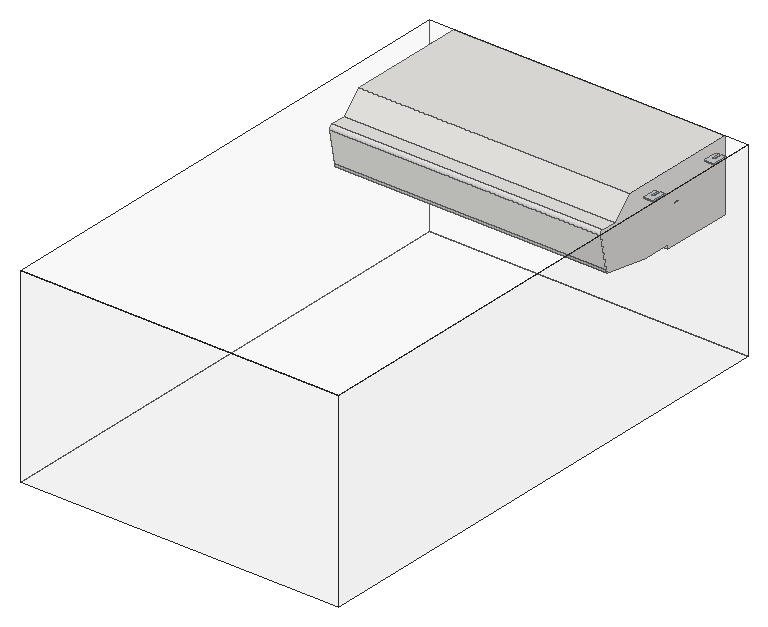
Revit family "pc-rp80_140ha22_50hz", category 機械設備, Revit 2023
Family settings
  丸型コネクタ寸法 = 直径を使用
  パーツ タイプ = 標準
  OmniClass 番号 = 23.75.10.24.21.27.27
  OmniClass タイトル = Split System Air Conditioning Units
  作業面ベース = いいえ
  常に垂直 = はい
  ロード時にボイドで切り取り = いいえ
  注釈の向きを維持 = いいえ
  共有 = いいえ
  部屋計算ポイント = はい
Parameters (values of type "PC-RP80HA22")
  風量_強 (m3/min) = 17
  風量_弱 (m3/min) = 15
  風量 = MAX風量  # 1020.0 m³/h
  音響パワーレベル_強 (dB) = 57
  音響パワーレベル_弱 (dB) = 55
  音響パワーレベル(dB) = [音響パワーレベル_強 (dB)]  # 57
  電源種別 = ""
  電源_H = 0 mm
  電圧 = 0 V
  電動機出力_送風機 = 0.04 kW
  運転質量 = 0.00 kg
  連動 = ""
  質量 = if(製品質量 > 運転質量, 製品質量, 運転質量) * 1.2  # 50.40 kg
  負荷分類 = 3_ファン類
  構成品番 = ""
  既定の高さ = 0 mm
  冷媒液管位置 = 180 mm
  冷媒ガス管位置 = 202 mm
  ドレン管径 (外径) = 32 mm
  【値が 0 の項目は組合せ形名にてご確認ください】 = ""
  MIN風量 = [風量_弱 (m3/min)] * 60.0 m³/h  # 900.0 m³/h
  MAX風量 = [風量_強 (m3/min)] * 60.0 m³/h  # 1020.0 m³/h
  サービススペース = yes
  Version = ""
  URL = "https://www.mitsubishielectric.co.jp/ldg/wink/qr/002/364753"
  Line = not(Width = 1136 mm)  # no
  説明 = "ビル用マルチ 天吊形室内機(厨房用)"
  設計暖房能力 = 0.00 kW
  設計冷房能力_顕熱 = 0 kW
  設計冷房能力 = 0 kW
  設置方法 = "天井吊（露出）形"
  記号 = ""
  製造元 = "三菱電機株式会社"
  製品質量 = 42.00 kg
  製品出荷対象 = "国内"
  製品リリース年月 = "2026/05/11"
  製品グループ = ""
  系統 = ""
  符号 = "ACP_CRK"
  積算_科目 = "1 空気調和設備"
  積算_拾い区分 [instance] = ""
  盤記号 = ""
  発停方法 = "別売リモコン"
  特殊仕様 = ""
  火災停止 = ""
  消費電力_暖房 = 0.13 kW
  消費電力_冷房 = 0.13 kW
  消費電力 = if(消費電力_冷房 > 消費電力_暖房, 消費電力_冷房, 消費電力_暖房)  # 0.13 kW
  法定耐用年数 = "6"
  極数 = 3
  材質 = ""
  本体マテリアル = none
  有効加湿量 = 0
  暖房能力 = 8.00 kW
  形式_加湿器 = ""
  形式 = "厨房用天井吊（露出）形"
  幹線記号 = ""
  始動方式 = "インバータ"
  呼称 = "マルチパッケージ形空気調和機_室内機"
  周波数 = 50 Hz
  吊り位置Y = 320 mm
  吊り位置X = 1180 mm
  吊りボルト_H = 43 mm
  台数_手元リモコン = ""
  台数_冷媒分岐ユニット = ""
  参照している仕様書等のバージョン = "公共建築工事標準仕様書（機械設備工事編）平成31年度版"
  加湿給水管径 = 0 mm
  分類コード = "50053003123090"
  分類グループ = "設備"
  冷房能力 = 7.1 kW
  冷媒高低圧ガス管径 = 0 mm
  冷媒管径符号 = "Bd"
  冷媒管径 = 100 mm
  冷媒液管高さ = 165 mm
  冷媒液管径 = 9.52 mm
  冷媒ガス管高さ = 165 mm
  冷媒ガス管径 = 15.88 mm
  企業コード = "108420"
  付属品_フィルター = ""
  付属品 = ""
  モデル = "PC-RP80HA22"
  パネルマテリアル = none
  ドレン管高さ = 254 mm
  ドレン管径 = 25 mm
  コメント [instance] = ""
  Width = 1136 mm
  Uniclass2015Version = "Systems v1.9"
  Uniclass2015Title = "Split coil remote air cooled condensing units"
  Uniclass2015Code = "Pr_70_65_03_84"
  SpecificationReference = ""
  SpecificationDescription = ""
  S_H = 296 mm
  Revision = ""
  ProductInformation = ""
  OmniClassCode = "23-33 17 13 11"
  IfcTypeProduct = ""
  IfcProduct = ""
  IfcExportType = "AIRCONDITIONINGUNIT"
  IfcExportAs = "IfcUnitaryEquipmentType"
  Height = 312 mm
  Depth = 650 mm
  価格 = 0
  Clearance Top = 2 mm
  Clearance Right = 100 mm
  Clearance Left = 100 mm
  Clearance Front = 1500 mm
  Clearance Bottom = 500 mm
  Clearance Back = 0 mm
  BLCJ仕様バージョン = "2.0"
  Author = "三菱電機株式会社"
Types (2, lengths in mm): name | 風量_強 (m3/min) | 風量_弱 (m3/min) | 風量 | 音響パワーレベル_強 (dB) | 音響パワーレベル_弱 (dB) | 音響パワーレベル(dB) | 電動機出力_送風機 | 質量 | MIN風量 | MAX風量 | URL | Line | 製品質量 | 消費電力_暖房 | 消費電力_冷房 | 消費電力 | 暖房能力 | 吊り位置X | 冷房能力 | モデル | Width
  PC-RP80HA22 | 17 | 15 | 1020.0 m³/h | 57 | 55 | 57 | 0.04 kW | 50.40 kg | 900.0 m³/h | 1020.0 m³/h | "https://www.mitsubishielectric.co.jp/ldg/wink/qr/002/364753" | no | 42.00 kg | 0.13 kW | 0.13 kW | 0.13 kW | 8.00 kW | 1180 | 7.1 kW | "PC-RP80HA22" | 1136
  PC-RP140HA22 | 38 | 28 | 2280.0 m³/h | 68 | 61 | 68 | 0.16 kW | 67.20 kg | 1680.0 m³/h | 2280.0 m³/h | "https://www.mitsubishielectric.co.jp/ldg/wink/qr/002/364754" | yes | 56.00 kg | 0.30 kW | 0.30 kW | 0.30 kW | 14.00 kW | 1564 | 12.5 kW | "PC-RP140HA22" | 1520
Reference planes
  plane 1 "中心(正面/背面)": y = 0
  plane 2: z = 0
  plane 3 "中心(左/右)": x = 0
  plane 4: x = 523
  plane 5: z = 3835
  plane 6: x = 438
  plane 7: z = 3835
  plane 8: x = 668
  plane 9: x = 568
  plane 10: x = -668
  plane 11: x = -568
  plane 12: y = -650
  plane 13: z = -280
  plane 14: y = -2150
  plane 15: x = -590
  plane 16: x = 590
  plane 17: z = -796
  plane 18 "下面": z = -296
  plane 19: x = 558.3
  plane 20: y = -80
  plane 21: y = -400
  plane 22: y = -330
  plane 23: y = -202
  plane 24: y = -180
  plane 25: y = -70
  plane 26: z = -43
  plane 27: z = -165
  plane 28: z = -254
  plane 29: x = 523
  plane 30: x = 438
  plane 31: x = 463
  plane 32: x = 463
  plane 33: z = 3746
  plane 34: z = 2
  plane 35: z = -95
  plane 36: z = -165
  plane 37: z = -312
Forms (mm)
  Extrusion 1, solid, material "Paint(Ivory)", detail levels fine
    sketch origin (0, -325, -4000) x (0, 1, 0) y (0, 0, 1)
      loop
        line (325, 4000) -> (-171.734, 4000) -> (-246.938, 3924.796) -> (-313.202, 3924.796)
        arc (-313.202, 3924.796) -> (-322.395, 3920.509) -> (-325.02, 3910.712) r 12
        line (-325.02, 3910.712) -> (-299.97, 3768.648)
        arc (-299.97, 3768.648) -> (-294.972, 3759.046) -> (-285.369, 3754.047) r 18
        line (-285.369, 3754.047) -> (-92.277, 3720) -> (30.069, 3720) -> (30.069, 3704) -> (325, 3704) -> (325, 4000)
    from -568 to 568
  Extrusion 2, solid, detail levels fine
    sketch origin (0, 0, 0) x (0, 0, -1) y (-1, 0, 0)
      loop
        circle (166.005, -523) r 7.94
    from -325 to -197
  Extrusion 3, solid, detail levels fine
    sketch origin (0, 0, 0) x (0, 0, -1) y (-1, 0, 0)
      loop
        circle (166.005, -438) r 4.76
    from -180 to -325
  Extrusion 4, solid, material "Galvanized steel plate", detail levels fine
    sketch origin (0, 0, -4000) x (1, 0, 0) y (0, 1, 0)
      loop
        line (568, -370) -> (568, -430) -> (612, -430) -> (612, -370) -> (595, -370) -> (595, -400)
        arc (595, -400) -> (590, -405) -> (585, -400) r 5
        line (585, -400) -> (585, -370) -> (568, -370)
    from 3954.5 to 3959.5
  Extrusion 5, solid, material "Galvanized steel plate", detail levels fine
    sketch origin (0, 320, -4000) x (1, 0, 0) y (0, 1, 0)
      loop
        line (568, -370) -> (568, -430) -> (612, -430) -> (612, -370) -> (595, -370) -> (595, -400)
        arc (595, -400) -> (590, -405) -> (585, -400) r 5
        line (585, -400) -> (585, -370) -> (568, -370)
    from 3954.5 to 3959.5
  Extrusion 6, solid, material "Galvanized steel plate", detail levels fine
    sketch origin (-1180, 0, -4000) x (1, 0, 0) y (0, 1, 0)
      loop
        line (568, -370) -> (568, -430) -> (612, -430) -> (612, -370) -> (595, -370) -> (595, -400)
        arc (595, -400) -> (590, -405) -> (585, -400) r 5
        line (585, -400) -> (585, -370) -> (568, -370)
    from 3954.5 to 3959.5
  Extrusion 7, solid, material "Galvanized steel plate", detail levels fine
    sketch origin (-1180, 320, -4000) x (1, 0, 0) y (0, 1, 0)
      loop
        line (568, -370) -> (568, -430) -> (612, -430) -> (612, -370) -> (595, -370) -> (595, -400)
        arc (595, -400) -> (590, -405) -> (585, -400) r 5
        line (585, -400) -> (585, -370) -> (568, -370)
    from 3954.5 to 3959.5
  Extrusion 8, solid, detail levels fine
    sketch origin (-3.482, 0, 0) x (1, 0, 0) y (0, 0, 1)
      loop
        circle (483.982, -165) r 50
    from 0 to 5
  Extrusion 9, solid, detail levels fine
    sketch origin (0, 160, 0) x (0, 0, -1) y (-1, 0, 0)
      loop
        circle (254.005, -463) r 16
    from -230 to -485
  Extrusion 10, solid
    sketch origin (0, 0, -296) x (-1, 0, 0) y (0, -1, 0)
      loop
        circle (-192, 243) r 12.5
    from 0 to -16
  Extrusion 11, solid
    sketch origin (-384, 0, -296) x (-1, 0, 0) y (0, -1, 0)
      loop
        circle (-192, 243) r 12.5
    from 0 to -16
Lines and regions (mm)
  model lines, detail levels fine
    curve 1: line (-493, -647.647, -102.744) -> (-493, -628.546, -211.073)
    curve 2: line (493, -647.647, -102.744) -> (493, -628.546, -211.073)
    curve 3: line (-493, -647.647, -102.744) -> (493, -647.647, -102.744)
    curve 4: line (493, -628.546, -211.073) -> (-493, -628.546, -211.073)
Dimensions and locks
  equal spacing: plane 11, plane 3 "中心(左/右)", plane 9
  "Width": plane 11 to plane 9
  "Clearance Right": plane 9 to plane 8
  "Clearance Left": plane 10 to plane 11
  "Depth": plane 12 to plane 1 "中心(正面/背面)"
  "Clearance Front": plane 14 to plane 12
  equal spacing: plane 15, plane 3 "中心(左/右)", plane 16
  "吊り位置X": plane 15 to plane 16
  "S_H": level to plane 18 "下面"
  locked: plane 19 to plane 9 at 9.7
  locked: plane 20 to plane 1 "中心(正面/背面)" at 80
  "吊り位置Y": plane 20 to plane 21
  "冷媒液管位置": plane 24 to plane 1 "中心(正面/背面)"  (x2)
  "冷媒ガス管位置": plane 23 to plane 1 "中心(正面/背面)"  (x2)
  plane 22 to plane 23 = 128 mm
  plane 22 to plane 24 = 150 mm
  "Clearance Bottom": plane 18 "下面" to plane 17
  "吊りボルト_H": level to plane 26
  level to plane 27 = 165 mm
  level to plane 28 = 254 mm
  plane 29 to plane 9 = 45 mm
  plane 30 to plane 29 = 85 mm
  plane 31 to plane 9 = 105 mm
  "Clearance Back": plane 1 "中心(正面/背面)" to nested 1
  equal spacing: plane 30, Extrusion 8 sketch curve, plane 29
  "Clearance Top": plane 34 to plane 2
  "冷媒ガス管高さ": plane 2 to plane 27
  "冷媒液管高さ": Extrusion 1 to plane 36
  "Height": plane 2 to plane 37
  "冷媒液管径": diameter of Extrusion 3 sketch curve
  "冷媒ガス管径": diameter of Extrusion 2 sketch curve
  "ドレン管径 (外径)": diameter of Extrusion 9 sketch curve
  aligned and locked: level to plane 2
  aligned and locked: plane 9 to Extrusion 1
  aligned and locked: plane 11 to Extrusion 1
  aligned and locked: plane 10 to nested 1
  aligned and locked: nested 1 to plane 8
  aligned and locked: plane 15 to nested 2
  aligned and locked: nested 2 to plane 16
  aligned and locked: plane 18 "下面" to Extrusion 1
  aligned and locked: plane 19 to nested 3
  aligned and locked: nested 1 to plane 14
  aligned and locked: plane 20 to nested 2
  aligned and locked: plane 21 to nested 2
  aligned and locked: plane 1 "中心(正面/背面)" to nested 1
  aligned and locked: plane 34 to nested 1
  aligned and locked: plane 24 to Extrusion 3
  aligned and locked: plane 17 to nested 1
  aligned and locked: Extrusion 1 to nested 3
Automatic sketch dimensions
  Extrusion 1 sketch curve to level = 0 mm
  Extrusion 1 sketch curve to plane 13 = 0 mm
  Extrusion 1 sketch curve to plane 18 "下面" = 0 mm
  Extrusion 1 sketch curve to plane 1 "中心(正面/背面)" = 0 mm
  plane 22 to Extrusion 1 sketch curve = 35.069 mm
  Extrusion 1 sketch curve to plane 21 = 17.277 mm
  Extrusion 1 sketch curve to plane 21 = 96.734 mm
  plane 35 to Extrusion 1 sketch curve = 19.796 mm
  plane 12 to Extrusion 1 sketch curve = 78.062 mm
  plane 12 to Extrusion 1 sketch curve = 42.756 mm
  plane 28 to Extrusion 1 sketch curve = 8.047 mm
  Extrusion 1 sketch curve to Extrusion 1 sketch curve = 3.126 mm
  Extrusion 1 sketch curve to Extrusion 1 sketch curve = 17.727 mm
  plane 12 to Extrusion 1 sketch curve = 11.798 mm
  Extrusion 1 sketch curve to plane 12 = 0.02 mm
  Extrusion 1 sketch curve to Extrusion 1 sketch curve = 14.601 mm
  plane 35 to Extrusion 1 sketch curve = 5.712 mm
  Extrusion 1 to curve 3 = 13.664 mm
  curve 2 to Extrusion 1 = 20.591 mm
  Extrusion 1 to curve 1 = 75 mm
  Extrusion 1 to curve 3 = 75 mm
  Extrusion 4 sketch curve to plane 9 = 0 mm
  Extrusion 4 sketch curve to plane 21 = 0 mm
  Extrusion 4 sketch curve to plane 16 = 0 mm
  plane 16 to Extrusion 4 sketch curve = 5 mm
  Extrusion 4 sketch curve to plane 16 = 22 mm
  Extrusion 4 sketch curve to plane 21 = 30 mm
  plane 21 to Extrusion 4 sketch curve = 30 mm
  Extrusion 4 sketch curve to Extrusion 4 sketch curve = 0 mm
  Extrusion 5 sketch curve to plane 9 = 0 mm
  Extrusion 5 sketch curve to plane 20 = 0 mm
  Extrusion 5 sketch curve to plane 16 = 0 mm
  plane 16 to Extrusion 5 sketch curve = 5 mm
  Extrusion 5 sketch curve to plane 16 = 22 mm
  Extrusion 5 sketch curve to plane 20 = 30 mm
  plane 25 to Extrusion 5 sketch curve = 20 mm
  Extrusion 5 sketch curve to Extrusion 5 sketch curve = 0 mm
  Extrusion 6 sketch curve to plane 21 = 0 mm
  Extrusion 6 sketch curve to plane 15 = 0 mm
  Extrusion 6 sketch curve to plane 11 = 0 mm
  Extrusion 6 sketch curve to plane 15 = 5 mm
  Extrusion 6 sketch curve to plane 15 = 22 mm
  Extrusion 6 sketch curve to plane 21 = 30 mm
  plane 21 to Extrusion 6 sketch curve = 30 mm
  Extrusion 6 sketch curve to Extrusion 6 sketch curve = 0 mm
  Extrusion 7 sketch curve to plane 20 = 0 mm
  Extrusion 7 sketch curve to plane 15 = 0 mm
  Extrusion 7 sketch curve to plane 11 = 0 mm
  Extrusion 7 sketch curve to plane 15 = 5 mm
  Extrusion 7 sketch curve to plane 15 = 22 mm
  Extrusion 7 sketch curve to plane 20 = 30 mm
  plane 25 to Extrusion 7 sketch curve = 20 mm
  Extrusion 7 sketch curve to Extrusion 7 sketch curve = 0 mm
  Extrusion 8 sketch curve to plane 27 = 0 mm
  Extrusion 11 sketch curve to plane 3 "中心(左/右)" = 192 mm
  plane 3 "中心(左/右)" to Extrusion 10 sketch curve = 192 mm
  Extrusion 10 sketch curve to plane 23 = 41 mm
  Extrusion 11 sketch curve to plane 23 = 41 mm
  Extrusion 1 to Extrusion 2 sketch curve = 45 mm
  Extrusion 2 sketch curve to Extrusion 1 = 129.995 mm
  Extrusion 3 sketch curve to Extrusion 1 = 129.995 mm
  Extrusion 1 to Extrusion 3 sketch curve = 130 mm
  plane 31 to Extrusion 9 sketch curve = 0 mm
  Extrusion 9 sketch curve to plane 28 = 0.005 mm
  radius of Extrusion 8 sketch curve = 50 mm
  radius of Extrusion 10 sketch curve = 12.5 mm
  radius of Extrusion 11 sketch curve = 12.5 mm
Nested families
  nested 1: "サービススペース" at (0, -1075, -397), visible <- "サービススペース", type "サービススペース"
    with Width 1336 mm, Height 798 mm, Depth 2150 mm
  nested 2: "固定点" at (-590, -400, 0), type "固定点"
    with W 1180 mm, D 320 mm
  nested 3: "吸込口" at (-192, 0, -4000), Width <- "Width", type "吸込口"
    with Width 1136 mm, Line no
Connectors
  piping at (480.5, 0, -165), diameter 100, driven by "冷媒管径", driven by "冷媒管径符号"
    settings: on Extrusion 8, index 1, connector inside diameter 609.6 mm, connector length 0 mm, flow factor 0, pipe flow 0.0 L/s, pressure drop 0.0 Pa, fitting loss kfactor 0, connector angle 0.00°, fixture units 0, engagement length 0 mm, angle of deflection 0.00°, flow configuration 1, flow direction 1, fitting loss method 4, system type 7, joint type 0, gender type 0, connector reference index -1, connector utility 0, adjustable connector no, is connector primary yes, connector description "Bd"
  piping at (463, -70, -254.005), diameter 32, driven by "ドレン管径 (外径)"
    settings: on Extrusion 9, index 2, connector inside diameter 609.6 mm, connector length 0 mm, flow factor 0, pipe flow 0.0 L/s, pressure drop 0.0 Pa, fitting loss kfactor 0, connector angle 0.00°, fixture units 0, engagement length 0 mm, angle of deflection 0.00°, flow configuration 1, flow direction 2, fitting loss method 4, system type 16, joint type 0, gender type 0, connector reference index -1, connector utility 0, adjustable connector no, is connector primary no, connector description ""
  electrical at (0, 0, -148), driven by "極数", driven by "負荷分類", driven by "電圧", driven by "消費電力"
    settings: on Extrusion 1, index 3, voltage 0 V, apparent load 130 VA, apparent load phase1 0 VA, apparent load phase2 0 VA, apparent load phase3 0 VA, power factor 1, load classification "3_ファン類", number of poles 3, system type 30, power factor state 1, is connector primary yes, connector utility no, sub classification motor no, connector description ""
Definition of nested family "サービススペース"
  Parameters (values of type "サービススペース")
    Default Elevation = 0 mm
    Width [instance] = 500 mm
    Height [instance] = 500 mm
    Depth [instance] = 500 mm
  Reference planes
    plane 1 "中心(正面/背面)": y = 0
    plane 2: z = 0
    plane 3 "中心(左/右)": x = 0
    plane 4: y = -250
    plane 5: x = 250
    plane 6: y = 250
    plane 7: x = -250
    plane 8: z = 250
    plane 9: z = -250
  Forms (mm)
    Extrusion 1, solid
      sketch origin (-638.939, 0, 72.39) x (1, 0, 0) y (0, 1, 0)
        loop
          line (388.939, 250) -> (388.939, -250) -> (888.939, -250) -> (888.939, 250) -> (388.939, 250)
      from -322.39 to 177.61
  Lines and regions (mm)
    symbolic lines
      curve 1: line (-250, 0, 250) -> (250, 0, 250)
      curve 2: line (-250, 0, -250) -> (-250, 0, 250)
      curve 3: line (250, 0, -250) -> (-250, 0, -250)
      curve 4: line (250, 0, 250) -> (250, 0, -250)
      curve 5: line (0, -250, 250) -> (0, 250, 250)
      curve 6: line (0, -250, -250) -> (0, -250, 250)
      curve 7: line (0, 250, -250) -> (0, -250, -250)
      curve 8: line (0, 250, 250) -> (0, 250, -250)
      curve 9: line (-250, 250, 0) -> (250, 250, 0)
      curve 10: line (-250, -250, 0) -> (-250, 250, 0)
      curve 11: line (250, -250, 0) -> (-250, -250, 0)
      curve 12: line (250, 250, 0) -> (250, -250, 0)
  Dimensions and locks
    equal spacing: plane 7, plane 3 "中心(左/右)", plane 5
    equal spacing: plane 4, plane 1 "中心(正面/背面)", plane 6
    "Depth": plane 4 to plane 6
    "Width": plane 7 to plane 5
    equal spacing: plane 8, plane 2, plane 9
    "Height": plane 8 to plane 9
    aligned and locked: plane 9 to curve 3
    aligned and locked: plane 7 to curve 2
    aligned and locked: curve 4 to plane 5
    aligned and locked: plane 5 to Extrusion 1
    aligned and locked: Extrusion 1 to plane 7
    aligned and locked: Extrusion 1 to plane 9
    aligned and locked: plane 8 to Extrusion 1
    aligned and locked: plane 9 to curve 7
  Automatic sketch dimensions
    plane 4 to Extrusion 1 sketch curve = 0 mm
    Extrusion 1 sketch curve to plane 7 = 0 mm
    Extrusion 1 sketch curve to plane 5 = 0 mm
    plane 6 to Extrusion 1 sketch curve = 0 mm
    curve 2 to plane 8 = 0 mm
    plane 4 to curve 11 = 0 mm
    curve 11 to plane 7 = 0 mm
    curve 11 to plane 5 = 0 mm
    plane 6 to curve 10 = 0 mm
    curve 7 to plane 4 = 0 mm
    curve 7 to plane 6 = 0 mm
    curve 6 to plane 8 = 0 mm
Definition of nested family "固定点"
  Parameters (values of type "固定点")
    Default Elevation = 0 mm
    中心円 = 20 mm
    W [instance] = 1000 mm
    D [instance] = 1000 mm
  Reference planes
    plane 1 "中心(正面/背面)": y = 0
    plane 2: z = 0
    plane 3 "中心(左/右)": x = 0
    plane 4: x = 1000
    plane 5: y = 1000
  Lines and regions (mm)
    symbolic lines, detail levels fine
      curve 1: circle (0, 1000, 0) r 10 normal (0, 0, 1)
      curve 2: circle (0, 0, 0) r 10 normal (0, 0, 1)
      curve 3: circle (1000, 1000, 0) r 10 normal (0, 0, 1)
      curve 4: circle (1000, 0, 0) r 10 normal (0, 0, 1)
      curve 5: line (-200, 1000, 0) -> (1200, 1000, 0)
      curve 6: line (-200, 0, 0) -> (1200, 0, 0)
      curve 7: line (0, 1200, 0) -> (0, -200, 0)
      curve 8: line (1000, 1200, 0) -> (1000, -200, 0)
  Dimensions and locks
    "W": plane 3 "中心(左/右)" to plane 4
    "D": plane 1 "中心(正面/背面)" to plane 5
    "中心円": diameter of curve 1
    "中心円": diameter of curve 2
    "中心円": diameter of curve 3
    "中心円": diameter of curve 4
    aligned and locked: level to plane 2
    aligned and locked: plane 5 to curve 1
    aligned and locked: plane 3 "中心(左/右)" to curve 1
    aligned and locked: plane 3 "中心(左/右)" to curve 2
    aligned and locked: plane 1 "中心(正面/背面)" to curve 2
    aligned and locked: plane 4 to curve 3
    aligned and locked: plane 5 to curve 3
    aligned and locked: plane 1 "中心(正面/背面)" to curve 4
    aligned and locked: plane 4 to curve 4
    aligned and locked: plane 1 "中心(正面/背面)" to curve 6
    aligned and locked: curve 7 to plane 3 "中心(左/右)"
    aligned and locked: curve 8 to plane 4
  Automatic sketch dimensions
    curve 5 to plane 5 = 0 mm
    curve 6 to plane 3 "中心(左/右)" = 200 mm
    curve 5 to plane 3 "中心(左/右)" = 200 mm
    curve 4 to curve 6 = 200 mm
    curve 3 to curve 5 = 200 mm
    plane 1 "中心(正面/背面)" to curve 8 = 200 mm
    plane 1 "中心(正面/背面)" to curve 7 = 200 mm
    curve 3 to curve 8 = 200 mm
    curve 1 to curve 7 = 200 mm
Definition of nested family "吸込口"
  Parameters (values of type "吸込口")
    Default Elevation = 0 mm
    Width [instance] = 1136 mm
    Line [instance] = not(Width = 1136 mm)  # no
  Reference planes
    plane 1 "Center (Front/Back)": y = 0
    plane 2: z = 0
    plane 3 "Center (Left/Right)": x = 0
  Lines and regions (mm)
    model lines, visible <- "Line", detail levels fine
      curve 1: line (-376.3, -289.931, 3705) -> (-376.3, 0, 3705)
      curve 12: line (-391.3, 0, 3705) -> (-391.3, -289.931, 3705)
      curve 13: line (-750.3, -274.931, 3705) -> (-750.3, -15, 3705)
      curve 14: line (-401.3, -15, 3705) -> (-401.3, -274.931, 3705)
      curve 15: line (-750.3, -15, 3705) -> (-401.3, -15, 3705)
      curve 16: line (-401.3, -274.931, 3705) -> (-750.3, -274.931, 3705)
      curve 17: line (-750.3, -54.429, 3705) -> (-595.903, -274.931, 3705)
      curve 18: line (-401.3, -55, 3705) -> (-555.297, -274.931, 3705)
      curve 19: line (-750.3, -235.571, 3705) -> (-595.854, -15, 3705)
      curve 20: line (-401.3, -235, 3705) -> (-555.346, -15, 3705)
      curve 21: line (-750.3, -274.931, 3705) -> (-750.3, -15, 3705)
      curve 40: line (750.3, -274.931, 3705) -> (750.3, -15, 3705)
    model lines, detail levels fine
      curve 2: line (-7.7, 0, 3705) -> (-7.7, -289.931, 3705)
      curve 3: line (-366.3, -274.931, 3705) -> (-366.3, -15, 3705)
      curve 4: line (-17.7, -15, 3705) -> (-17.7, -274.931, 3705)
      curve 5: line (-366.3, -15, 3705) -> (-17.7, -15, 3705)
      curve 6: line (-17.7, -274.931, 3705) -> (-366.3, -274.931, 3705)
      curve 7: line (-366.3, -55, 3705) -> (-212.303, -274.931, 3705)
      curve 8: line (-17.7, -55, 3705) -> (-171.697, -274.931, 3705)
      curve 9: line (-366.3, -235, 3705) -> (-212.254, -15, 3705)
      curve 10: line (-17.7, -235, 3705) -> (-171.746, -15, 3705)
      curve 11: line (7.3, -289.931, 3705) -> (7.3, 0, 3705)
      curve 22: line (376.3, -289.931, 3705) -> (376.3, 0, 3705)
      curve 23: line (366.3, -274.931, 3705) -> (366.3, -15, 3705)
      curve 24: line (17.7, -15, 3705) -> (17.7, -274.931, 3705)
      curve 25: line (366.3, -15, 3705) -> (17.7, -15, 3705)
      curve 26: line (17.7, -274.931, 3705) -> (366.3, -274.931, 3705)
      curve 27: line (366.3, -55, 3705) -> (212.303, -274.931, 3705)
      curve 28: line (17.7, -55, 3705) -> (171.697, -274.931, 3705)
      curve 29: line (366.3, -235, 3705) -> (212.254, -15, 3705)
      curve 30: line (17.7, -235, 3705) -> (171.746, -15, 3705)
      curve 31: line (391.3, 0, 3705) -> (391.3, -289.931, 3705)
      curve 32: line (750.3, -274.931, 3705) -> (750.3, -15, 3705)
      curve 33: line (401.3, -15, 3705) -> (401.3, -274.931, 3705)
      curve 34: line (750.3, -15, 3705) -> (401.3, -15, 3705)
      curve 35: line (401.3, -274.931, 3705) -> (750.3, -274.931, 3705)
      curve 36: line (750.3, -54.429, 3705) -> (595.903, -274.931, 3705)
      curve 37: line (401.3, -55, 3705) -> (555.297, -274.931, 3705)
      curve 38: line (750.3, -235.571, 3705) -> (595.854, -15, 3705)
      curve 39: line (401.3, -235, 3705) -> (555.346, -15, 3705)
  Dimensions and locks
    aligned and locked: level to plane 2
